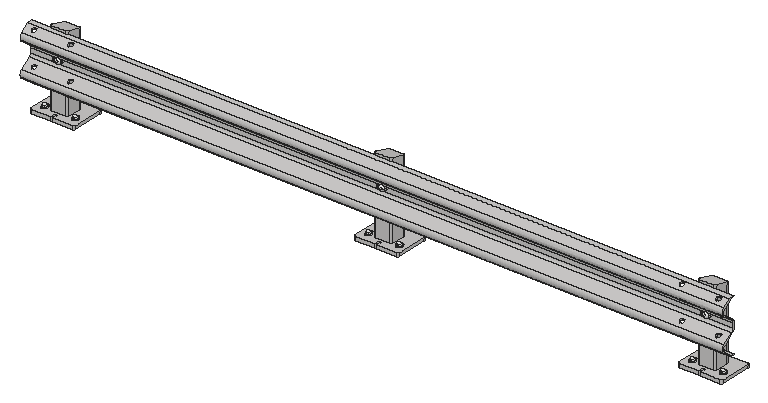
Revit family "Safety & Protection_Barrier_UltiGroup_Highway Rail", category Generic Models, Revit 2016 (continued)
Automatic sketch dimensions
  Extrusion 19 sketch curve to plane 20 = 0.524 mm
  Extrusion 19 sketch curve to plane 20 = 1.19 mm  (x2)
  Extrusion 19 sketch curve to Extrusion 19 sketch curve = 11.154 mm  (x3)
  plane 19 to Extrusion 19 sketch curve = 1.19 mm
  Extrusion 19 sketch curve to Extrusion 19 sketch curve = 80.77 mm
  plane 19 to Extrusion 19 sketch curve = 0.524 mm  (x2)
  Extrusion 20 sketch curve to plane 20 = 1 mm  (x2)
  plane 19 to Extrusion 20 sketch curve = 1 mm  (x2)
  plane 22 to Extrusion 21 sketch curve = 1 mm
  Extrusion 21 sketch curve to plane 21 = 1 mm  (x2)
  plane 29 to Extrusion 21 sketch curve = 1 mm
  plane 22 to Extrusion 22 sketch curve = 1 mm
  Extrusion 22 sketch curve to plane 21 = 1 mm  (x2)
  plane 37 to Extrusion 22 sketch curve = 1 mm
  Extrusion 23 sketch curve to plane 1 "Center (Front/Back)" = 0 mm
  Extrusion 23 sketch curve to plane 7 = 0 mm
  Extrusion 24 sketch curve to plane 1 "Center (Front/Back)" = 0 mm
  Extrusion 24 sketch curve to plane 7 = 0 mm
  Extrusion 25 sketch curve to plane 1 "Center (Front/Back)" = 0 mm
  Extrusion 25 sketch curve to plane 7 = 0 mm
  Extrusion 27 sketch curve to plane 6 = 0 mm
  Extrusion 27 sketch curve to plane 8 = 0 mm
  Sweep 28 sketch curve to Sweep 28 sketch curve = 6 mm
  Sweep 28 sketch curve to Sweep 28 sketch curve = 0 mm  (x2)
  Sweep 28 sketch curve to profile plane = 0 mm
  profile plane to Sweep 28 sketch curve = 0 mm
  Sweep 31 sketch curve to Sweep 31 sketch curve = 6 mm  (x3)
  profile plane to Sweep 31 sketch curve = 0 mm
  Sweep 31 sketch curve to profile plane = 0 mm
  Sweep 34 sketch curve to Sweep 34 sketch curve = 6 mm  (x2)
  profile plane to Sweep 34 sketch curve = 6 mm
  Sweep 34 sketch curve to profile plane = 0 mm
  profile plane to Sweep 34 sketch curve = 0 mm
  Extrusion 1 to Extrusion 35 sketch curve = 0 mm
  Extrusion 35 sketch curve to Extrusion 1 = 0 mm
  Extrusion 1 to Extrusion 36 sketch curve = 0 mm
  Extrusion 36 sketch curve to Extrusion 1 = 0 mm
  Extrusion 37 sketch curve to Extrusion 37 sketch curve = 4 mm  (x2)
  Extrusion 37 sketch curve to Extrusion 37 sketch curve = 3 mm  (x4)
  Extrusion 37 sketch curve to Extrusion 37 sketch curve = 12.124 mm  (x2)
  Extrusion 37 sketch curve to Extrusion 37 sketch curve = 0 mm  (x2)
  Extrusion 2 to Extrusion 38 sketch curve = 0 mm
  Extrusion 38 sketch curve to Extrusion 2 = 0 mm
  Extrusion 39 sketch curve to Extrusion 39 sketch curve = 0 mm  (x2)
  Extrusion 3 to Extrusion 40 sketch curve = 0 mm
  Extrusion 40 sketch curve to Extrusion 3 = 0 mm
  Extrusion 41 sketch curve to Extrusion 41 sketch curve = 0 mm  (x2)
  Extrusion 42 sketch curve to Extrusion 42 sketch curve = 4 mm  (x2)
  Extrusion 42 sketch curve to Extrusion 42 sketch curve = 3 mm  (x4)
  Extrusion 42 sketch curve to Extrusion 42 sketch curve = 12.124 mm  (x2)
  Extrusion 42 sketch curve to Extrusion 42 sketch curve = 0 mm  (x2)
  Extrusion 43 sketch curve to Extrusion 43 sketch curve = 0 mm
  radius of Extrusion 26 sketch curve = 8 mm
  radius of Extrusion 27 sketch curve = 14 mm
  radius of Extrusion 29 sketch curve = 8 mm
  radius of Extrusion 29 to Extrusion 30 sketch curve = 6 mm
  radius of Extrusion 32 sketch curve = 8 mm
  radius of Extrusion 33 sketch curve = 14 mm
  radius of Extrusion 35 sketch curve = 10 mm  (x2)
  radius of Extrusion 36 sketch curve = 16 mm  (x2)
  radius of Extrusion 38 sketch curve = 10 mm  (x2)
  radius of Extrusion 39 sketch curve = 16 mm  (x2)
  radius of Extrusion 40 sketch curve = 10 mm  (x2)
  radius of Extrusion 41 sketch curve = 16 mm  (x2)
  radius of Extrusion 43 sketch curve = 10 mm  (x2)
Types (4, lengths in mm): name | Rail length | Post 2 Bolt | Post 2 | Post 1 Bolt | Post 1 | Mid Post | Guard Rail
  Type 1 | 3810 | yes | yes | yes | yes | yes | yes
  Type 2 | 4130 | yes | yes | no | no | yes | yes
  Type 3 | 4130 | yes | yes | no | yes | yes | yes
  Type 4 | 4130 | no | no | no | yes | no | no
